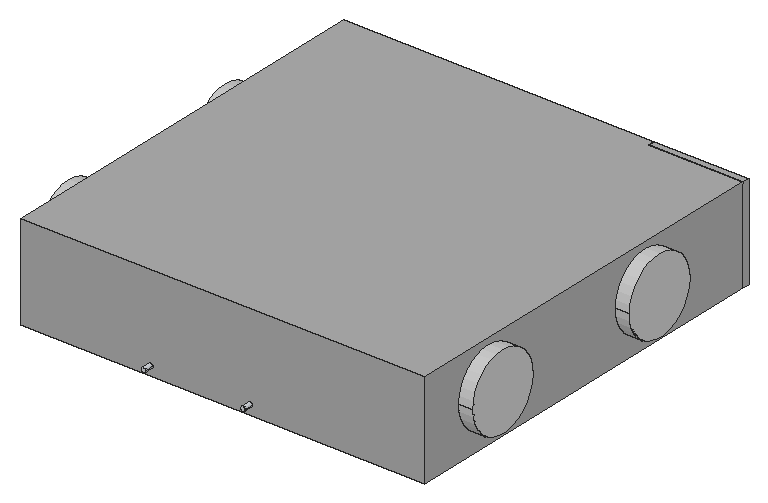
Revit family "BLAUBERG-KOMFORT_EC_DBE_900_Left", category Mechanical Equipment, Revit 2019
Family settings
  Round Connector Dimension = Use Diameter
  Classification = None
  Part Type = Normal
  OmniClass Number = 23.75.35.14
  OmniClass Title = Air Handling Units
  Work Plane-Based = No
  Always vertical = Yes
  Cut with Voids When Loaded = No
  Shared = No
  Room Calculation Point = No
Parameters (values of type "KOMFORT EC DBE 900 L S21")
  Weight = 111.00 kg
  LDrainCon = 28 mm
  Heater power = 3300 W
  Maximum Unit Power Without Electric Heater = 442 W
  Maximum Unit Current Without Electric Heater = 3.1 A
  Maximum Unit Current With Electric Heater = 17.4 A
  Heat Exchanger Material = "polystyrene"
  LDuctCon = 50 mm  # constant formula
  HDrainCon = 31 mm
  H = 318 mm
  Front Maintenance Zone Width = H  # 318 mm
  Front Maintenance Zone Length = L  # 1349 mm
  ElBoxB1 = 21 mm
  ElBoxB = 22 mm
  ElBoxL = 315 mm
  DrainPipe = yes
  DrainD = if(Drain Connection Diameter = 0 mm, 1 mm, Drain Connection Diameter)  # 14 mm
  Drain Flow [instance] = 0.0 L/s
  Drain Connection Diameter = 14 mm
  LDrainCon2 = 582 mm
  LDrainCon1 = 435 mm
  DPS_H = 198 mm
  DPS_L2 = 404 mm
  DPS_L1 = 147 mm
  B2 = 265 mm
  Air Flow Factor [instance] = 1  # constant formula
  B1 = 432 mm
  Air Flow Exhaust [instance] = 0 m³/h
  L = 1349 mm
  Voltage = 230 V
  URL = "https://blaubergventilatoren.de/en/product/komfort-ec-dbe-900-l-s21"
  Type Comments = "Air Handling Unit KOMFORT EC DBE 900 L S21"
  Transported Air Temperature (°C) = "-25…+40"
  Supply Air Filter = "G4 (F7 option)"
  Sound Pressure Level at 3 m (dBA) = 33
  SEC Class = "A"
  RPM (min-1) = 2720
  Power Factor = 1
  Power = Maximum Unit Power Without Electric Heater + Heater power  # 3742 W
  Number of Poles = 1
  Model = "KOMFORT EC DBE 900 L S21"
  Maximum Air Flow = 1030 m³/h
  Manufacturer = "Blauberg"
  Maintenance Zone Material = Maintenance Zone
  Front Maintenance Zone Height = 800 mm
  Maintenance Zone [instance] = no
  Load Classification = HVAC
  B = 1351 mm
  Heat recovery efficiency (%) = "75..88"
  Heat Exchanger Type = "counter-flow"
  H1 = 143 mm
  Metal Material = Metal Zinc
  Family Version = "1.0"  # constant formula
  Extract Air Filter = "G4"
  Duct Connection Diameter = 250 mm
  Description = "Air Handling Unit"
  D = Duct Connection Diameter  # 250 mm
  Current = Maximum Unit Current With Electric Heater  # 17.4 A
  Copyright = "©Blauberg"
  Casing Material = Painted Steel Gray
  Apparent Power [instance] = Power / Power Factor  # 3742 VA
  Air Flow Supply [instance] = 0 m³/h
Types (2, lengths in mm): name | Heat Exchanger Material | DrainPipe | DrainD | Drain Connection Diameter | URL | Type Comments | Model | Heat recovery efficiency (%)
  KOMFORT EC DBE 900 L S21 | "polystyrene" | yes | 14 | 14 | "https://blaubergventilatoren.de/en/product/komfort-ec-dbe-900-l-s21" | "Air Handling Unit KOMFORT EC DBE 900 L S21" | "KOMFORT EC DBE 900 L S21" | "75..88"
  KOMFORT EC DBE 900-E L S21 | "enthalpy" | no | 1 | 0 | "https://blaubergventilatoren.de/en/product/komfort-ec-dbe-900-e-l-s21" | "Air Handling Unit KOMFORT EC DBE 900-E L S21" | "KOMFORT EC DBE 900-E L S21" | "69..85"
Reference planes
  plane 1 "Center (Front/Back)": y = 0
  plane 2: z = 0
  plane 3 "Center (Left/Right)": x = 0
  plane 4 "Back": y = 675.5
  plane 5 "Front": y = -675.5
  plane 6 "L": x = -674.5
  plane 7 "R": x = 674.5
  plane 8 "DuctConB2": y = 243.5
  plane 9 "DuctConB1": y = -410.5
  plane 10: x = -724.5
  plane 11: x = 724.5
  plane 12 "Top": z = 143
  plane 13 "Bottom": z = -175
  plane 14 "DrainConH": z = -144
  plane 15 "DrainConL1": x = -239.5
  plane 16 "DrainConL2": x = 92.5
  plane 17 "S": y = -703.5
  plane 18 "ElBox": y = 654.5
  plane 19: y = 676.5
  plane 20: x = 359.5
  plane 21 "DPSL1": x = 270.5
  plane 22 "DPSL2": x = -527.5
  plane 23: z = -55
Forms (mm)
  Extrusion 1, solid, material "Painted Steel Gray" <- "Casing Material", detail levels medium+fine
    sketch origin (0, 0, 0) x (1, 0, 0) y (0, 1, 0)
      loop
        line (-674.5, 675.5) -> (-674.5, -675.5) -> (674.5, -675.5) -> (674.5, 654.5) -> (359.5, 654.5) -> (359.5, 675.5) -> (-674.5, 675.5)
    from -175 to 143
  Extrusion 2, solid, material "Metal Zinc" <- "Metal Material", detail levels medium+fine
    sketch origin (-674.5, 0, 0) x (0, 1, 0) y (0, 0, 1)
      loop
        circle (243.5, 0) r 125
      loop
        circle (-410.5, 0) r 125
    from 0 to -50
  Extrusion 3, solid, material "Metal Zinc" <- "Metal Material", detail levels medium+fine
    sketch origin (674.5, 0, 0) x (0, 1, 0) y (0, 0, 1)
      loop
        circle (243.5, 0) r 125
      loop
        circle (-410.5, 0) r 125
    from 0 to 50
  Extrusion 4, solid, visible <- "DrainPipe", detail levels medium+fine
    sketch origin (0, -675.5, 0) x (-1, 0, 0) y (0, 0, 1)
      loop
        circle (239.5, -144) r 7
    from 0 to -28
  Extrusion 5, solid, visible <- "DrainPipe", detail levels medium+fine
    sketch origin (0, -675.5, 0) x (-1, 0, 0) y (0, 0, 1)
      loop
        circle (-92.5, -144) r 7
    from 0 to -28
  Extrusion 6, solid, material "Painted Steel Gray" <- "Casing Material", detail levels medium+fine
    sketch origin (0, 0, 0) x (1, 0, 0) y (0, 1, 0)
      loop
        line (359.5, 676.5) -> (359.5, 654.5) -> (674.5, 654.5) -> (674.5, 676.5) -> (359.5, 676.5)
    from -175 to 143
Lines and regions (mm)
  model lines, detail levels coarse
    curve 1: line (-674.5, 675.5, 0) -> (674.5, 675.5, 0)
    curve 2: line (-674.5, -675.5, 0) -> (-674.5, 675.5, 0)
    curve 3: line (674.5, -675.5, 0) -> (-674.5, -675.5, 0)
    curve 4: line (674.5, 675.5, 0) -> (674.5, -675.5, 0)
    curve 5: line (-674.5, 243.5, 0) -> (-724.5, 243.5, 0)
    curve 6: line (-674.5, -410.5, 0) -> (-724.5, -410.5, 0)
    curve 7: line (674.5, -410.5, 0) -> (724.5, -410.5, 0)
    curve 8: line (674.5, 243.5, 0) -> (724.5, 243.5, 0)
Dimensions and locks
  equal spacing: plane 6 "L", plane 3 "Center (Left/Right)", plane 7 "R"
  "L": plane 6 "L" to plane 7 "R"
  equal spacing: plane 4 "Back", plane 1 "Center (Front/Back)", plane 5 "Front"
  "B": plane 4 "Back" to plane 5 "Front"
  "B1": plane 4 "Back" to plane 8 "DuctConB2"
  "B2": plane 9 "DuctConB1" to plane 5 "Front"
  "LDuctCon": plane 10 to plane 6 "L"
  "LDuctCon": plane 7 "R" to plane 11
  "H1": plane 12 "Top" to level
  "H": plane 12 "Top" to plane 13 "Bottom"
  "HDrainCon": plane 14 "DrainConH" to plane 13 "Bottom"
  "LDrainCon1": plane 6 "L" to plane 15 "DrainConL1"
  "LDrainCon2": plane 16 "DrainConL2" to plane 7 "R"
  "LDrainCon": plane 5 "Front" to plane 17 "S"
  "ElBoxB": plane 19 to plane 18 "ElBox"
  "ElBoxL": plane 20 to plane 7 "R"
  "DPS_L1": plane 6 "L" to plane 22 "DPSL2"
  "DPS_L2": plane 21 "DPSL1" to plane 7 "R"
  "DPS_H": plane 12 "Top" to plane 23
  "ElBoxB1": plane 4 "Back" to plane 18 "ElBox"
  "D": diameter of Extrusion 2 sketch curve  (x2)
  "D": diameter of Extrusion 3 sketch curve  (x2)
  "DrainD": diameter of Extrusion 4 sketch curve
  "DrainD": diameter of Extrusion 5 sketch curve
  aligned and locked: level to plane 2
  aligned and locked: Extrusion 1 sketch curve to plane 4 "Back"
  aligned and locked: plane 6 "L" to Extrusion 1 sketch curve
  aligned and locked: plane 5 "Front" to Extrusion 1 sketch curve
  aligned and locked: Extrusion 1 sketch curve to plane 7 "R"
  aligned and locked: plane 12 "Top" to Extrusion 1
  aligned and locked: Extrusion 1 to plane 13 "Bottom"
  aligned and locked: plane 11 to Extrusion 3
  aligned and locked: Extrusion 2 to plane 10
  aligned and locked: Extrusion 4 to plane 17 "S"
  aligned and locked: Extrusion 5 to plane 17 "S"
  aligned and locked: Extrusion 6 sketch curve to plane 19
  aligned and locked: plane 18 "ElBox" to Extrusion 6 sketch curve
  aligned and locked: Extrusion 6 sketch curve to plane 7 "R"
  aligned and locked: plane 12 "Top" to Extrusion 6
  aligned and locked: Extrusion 6 to plane 13 "Bottom"
  aligned and locked: plane 20 to Extrusion 6 sketch curve
  aligned and locked: plane 20 to Extrusion 1 sketch curve
  aligned and locked: plane 18 "ElBox" to Extrusion 1 sketch curve
  aligned and locked: nested 1 to plane 21 "DPSL1"
  aligned and locked: nested 1 to plane 23
  aligned and locked: nested 2 to plane 23
  aligned and locked: nested 2 to plane 22 "DPSL2"
  aligned and locked: nested 3 to plane 3 "Center (Left/Right)"
  aligned and locked: plane 12 "Top" to nested 3
  aligned and locked: curve 1 to nested 3
  aligned and locked: curve 3 to Extrusion 1
  aligned and locked: curve 4 to Extrusion 1
  aligned and locked: plane 10 to curve 5
  aligned and locked: plane 6 "L" to curve 5
  aligned and locked: plane 8 "DuctConB2" to curve 5
  aligned and locked: plane 10 to curve 6
  aligned and locked: plane 6 "L" to curve 6
  aligned and locked: plane 9 "DuctConB1" to curve 6
  aligned and locked: plane 11 to curve 7
  aligned and locked: plane 7 "R" to curve 7
  aligned and locked: curve 7 to plane 9 "DuctConB1"
  aligned and locked: plane 11 to curve 8
  aligned and locked: curve 8 to plane 8 "DuctConB2"
Automatic sketch dimensions
  Extrusion 2 sketch curve to level = 0 mm  (x2)
  Extrusion 2 sketch curve to plane 9 "DuctConB1" = 0 mm
  Extrusion 2 sketch curve to plane 8 "DuctConB2" = 0 mm
  Extrusion 3 sketch curve to level = 0 mm  (x2)
  Extrusion 3 sketch curve to plane 9 "DuctConB1" = 0 mm
  Extrusion 3 sketch curve to plane 8 "DuctConB2" = 0 mm
  Extrusion 4 sketch curve to plane 14 "DrainConH" = 0 mm
  Extrusion 4 sketch curve to plane 15 "DrainConL1" = 0 mm
  Extrusion 5 sketch curve to plane 14 "DrainConH" = 0 mm
  Extrusion 5 sketch curve to plane 16 "DrainConL2" = 0 mm
Nested families
  nested 1: "DPS" at (270.5, 675.5, -55) x (-1, 0, 0) z (0, 1, 0), type "DPS", detail levels medium+fine
  nested 2: "DPS" at (-527.5, 675.5, -55) x (-1, 0, 0) z (0, 1, 0), type "DPS", detail levels medium+fine
  nested 3: "MaintenanceZone_Rect" at (0, 675.5, -16) x (-1, 0, 0) z (0, -1, 0), visible <- "Maintenance Zone", type "Side", detail levels medium+fine
    with Maintenance Zone Width 318 mm, Maintenance Zone Length 1349 mm, Maintenance Zone Height 800 mm
Connectors
  electrical at (674.5, 665.5, -16), driven by "Number of Poles", driven by "Load Classification", driven by "Voltage", driven by "Apparent Power", driven by "Power Factor"
    settings: on Extrusion 6, index 1, voltage 230 V, apparent load 3742 VA, apparent load phase1 0 VA, apparent load phase2 0 VA, apparent load phase3 0 VA, power factor 1, load classification "HVAC", number of poles 1, system type 30, power factor state 1, is connector primary yes, connector utility no, sub classification motor no, connector description ""
  hvac at (724.5, -410.5, 0), driven by "Duct Connection Diameter", driven by "Air Flow Supply"
    settings: on Extrusion 3, index 2, duct flow 0 m³/h, flow factor 0, pres drop 0.0 Pa, loss coef 0, conn angle 0.00°, conn width 304.8 mm, conn height 304.8 mm, conn diameter 250 mm, duct sys type 1, conn prof type 0, flow config 0, flow direction 2, loss method 0, conn ref index -1, conn util no, is conn primary yes, conn desc "Supply Air"
  hvac at (724.5, 243.5, 0), driven by "Duct Connection Diameter", driven by "Air Flow Exhaust"
    settings: on Extrusion 3, index 3, duct flow 0 m³/h, flow factor 0, pres drop 0.0 Pa, loss coef 0, conn angle 0.00°, conn width 304.8 mm, conn height 304.8 mm, conn diameter 250 mm, duct sys type 3, conn prof type 0, flow config 0, flow direction 1, loss method 0, conn ref index -1, conn util no, is conn primary no, conn desc "Extract Air"
  hvac at (-724.5, 243.5, 0), driven by "Duct Connection Diameter", driven by "Air Flow Supply"
    settings: on Extrusion 2, index 4, duct flow 0 m³/h, flow factor 0, pres drop 0.0 Pa, loss coef 0, conn angle 0.00°, conn width 304.8 mm, conn height 304.8 mm, conn diameter 250 mm, duct sys type 1, conn prof type 0, flow config 1, flow direction 1, loss method 0, conn ref index -1, conn util no, is conn primary no, conn desc "Intake Air"
  hvac at (-724.5, -410.5, 0), driven by "Duct Connection Diameter", driven by "Air Flow Exhaust"
    settings: on Extrusion 2, index 5, duct flow 0 m³/h, flow factor 0, pres drop 0.0 Pa, loss coef 0, conn angle 0.00°, conn width 304.8 mm, conn height 304.8 mm, conn diameter 250 mm, duct sys type 3, conn prof type 0, flow config 1, flow direction 2, loss method 0, conn ref index -1, conn util no, is conn primary no, conn desc "Exhaust Air"
  piping at (-239.5, -703.5, -144), diameter 14, driven by "Drain Connection Diameter", driven by "Drain Flow"
    settings: on Extrusion 4, index 6, connector inside diameter 609.6 mm, connector length 0 mm, flow factor 0, pipe flow 0.0 L/s, pressure drop 0.0 Pa, fitting loss kfactor 0, connector angle 0.00°, fixture units 0, engagement length 0 mm, angle of deflection 0.00°, flow configuration 1, flow direction 2, fitting loss method 0, system type 16, joint type 0, gender type 0, connector reference index -1, connector utility 0, adjustable connector no, is connector primary yes, connector description ""
  piping at (92.5, -703.5, -144), diameter 14, driven by "Drain Connection Diameter", driven by "Drain Flow"
    settings: on Extrusion 5, index 7, connector inside diameter 609.6 mm, connector length 0 mm, flow factor 0, pipe flow 0.0 L/s, pressure drop 0.0 Pa, fitting loss kfactor 0, connector angle 0.00°, fixture units 0, engagement length 0 mm, angle of deflection 0.00°, flow configuration 1, flow direction 2, fitting loss method 0, system type 16, joint type 0, gender type 0, connector reference index -1, connector utility 0, adjustable connector no, is connector primary no, connector description ""
Definition of nested family "DPS"
  Parameters (values of type "DPS")
    W1 = 65 mm
    Thikness = 2 mm
    Material = none
    H1 = 47 mm
    Default Elevation = 1219.2 mm
  Reference planes
    plane 1 "Center (Front/Back)": y = 0
    plane 2: z = 0
    plane 3 "Center (Left/Right)": x = 0
    plane 4: z = 47
    plane 5: z = 51.5
    plane 6: z = 75.5
    plane 7: z = 78
    plane 8: z = 92
    plane 9: z = 86
    plane 10: x = -32.5
    plane 11: x = 32.5
    plane 12 "1": y = 50
    plane 13: y = 48
    plane 14: z = 45
    plane 15 "2": y = -22
    plane 16: z = 64
  Forms (mm)
    Revolve 1, solid, material <- "Material"
      sketch origin (0, 0, 0) x (1, 0, 0) y (0, 0, 1)
        loop
          line (-40.5, 47) -> (0, 47) -> (0, 92) -> (-31, 92) -> (-35, 86) -> (-35, 78) -> (-37.309, 78) -> (-37.309, 75.5) -> (-36, 75.5) -> (-36, 51.5) -> (-40.5, 51.5) -> (-40.5, 47)
        axis (0, 92) -> (0, 47)
      angle from 0 to 360
    Extrusion 2, solid, material <- "Material"
      sketch origin (0, 0, 0) x (0, 1, 0) y (0, 0, 1)
        loop
          line (50, 0) -> (50, 47) -> (0, 47) -> (0, 45) -> (48, 45) -> (48, 0) -> (50, 0)
      from -32.5 to 32.5
    Extrusion 3, solid, material <- "Material"
      sketch origin (0, 0, 0) x (0, 1, 0) y (0, 0, 1)
        loop
          circle (-22, 64) r 10
      from 0 to 50
  Cuts and joins
    joined: Revolve 1, Extrusion 3
  Dimensions and locks
    locked: plane 5 to plane 4 at 4.5
    locked: plane 6 to plane 5 at 24
    locked: plane 7 to plane 6 at 2.5
    locked: plane 8 to plane 9 at 6
    locked: plane 9 to plane 7 at 8
    "H1": plane 4 to level
    equal spacing: plane 11, plane 3 "Center (Left/Right)", plane 10
    "W1": plane 11 to plane 10
    "Thikness": plane 4 to plane 14
    "Thikness": plane 12 "1" to plane 13
    locked: plane 1 "Center (Front/Back)" to plane 12 "1" at 50
    locked: plane 15 "2" to plane 1 "Center (Front/Back)" at 22
    plane 16 to plane 4 = 17 mm
    aligned and locked: level to plane 2
    aligned and locked: Revolve 1 sketch curve to plane 3 "Center (Left/Right)"  (x2)
    aligned and locked: plane 6 to Revolve 1 sketch curve
    aligned and locked: plane 7 to Revolve 1 sketch curve
    aligned and locked: plane 5 to Revolve 1 sketch curve
    aligned and locked: plane 8 to Revolve 1 sketch curve
    aligned and locked: Extrusion 2 sketch curve to plane 13
    aligned and locked: plane 14 to Extrusion 2 sketch curve
    aligned and locked: Extrusion 2 sketch curve to plane 1 "Center (Front/Back)"
    aligned and locked: Extrusion 2 to plane 10
    aligned and locked: plane 11 to Extrusion 2
  Automatic sketch dimensions
    Revolve 1 sketch curve to plane 4 = 0 mm
    Revolve 1 sketch curve to plane 9 = 0 mm
    Revolve 1 sketch curve to plane 3 "Center (Left/Right)" = 31 mm
    Revolve 1 sketch curve to Revolve 1 sketch curve = 4 mm
    Revolve 1 sketch curve to Revolve 1 sketch curve = 1 mm
    Revolve 1 sketch curve to Revolve 1 sketch curve = 1.309 mm
    Revolve 1 sketch curve to Revolve 1 sketch curve = 4.5 mm
    Revolve 1 sketch curve to Revolve 1 sketch curve = 27.818 mm
    Revolve 1 sketch curve to Revolve 1 sketch curve = 2.182 mm
    Extrusion 2 sketch curve to level = 0 mm
    Extrusion 2 sketch curve to plane 12 "1" = 0 mm
    Extrusion 2 sketch curve to plane 4 = 0 mm
    Extrusion 3 sketch curve to plane 15 "2" = 0 mm
    Extrusion 3 sketch curve to plane 16 = 0 mm
    radius of Extrusion 3 sketch curve = 10 mm
Definition of nested family "MaintenanceZone_Rect"
  Parameters (values of type "MaintenanceZone_Rect")
    Maintenance Zone Width = 500 mm
    Material = none
    Maintenance Zone Length = 1000 mm
    Maintenance Zone Height = 300 mm
    Family Version = ""
    Default Elevation = 1219.2 mm
    Copyright = ""
  Reference planes
    plane 1 "Center (Front/Back)": y = 0
    plane 2: z = 0
    plane 3 "Center (Left/Right)": x = 0
    plane 4: x = -500
    plane 5: x = 500
    plane 6: y = 250
    plane 7: y = -250
    plane 8: z = -300
  Forms (mm)
    Extrusion 1, solid, material <- "Material", detail levels medium+fine
      sketch origin (0, 0, 0) x (1, 0, 0) y (0, 1, 0)
        loop
          line (-500, 250) -> (-500, -250) -> (500, -250) -> (500, 250) -> (-500, 250)
      from 0 to -300
  Lines and regions (mm)
    symbolic lines, detail levels medium+fine
      curve 1: line (-500, 0, 0) -> (500, 0, 0)
      curve 2: line (-500, 0, -300) -> (-500, 0, 0)
      curve 3: line (500, 0, -300) -> (-500, 0, -300)
      curve 4: line (500, 0, 0) -> (500, 0, -300)
      curve 5: line (0, 250, 0) -> (0, -250, 0)
      curve 6: line (0, 250, -300) -> (0, 250, 0)
      curve 7: line (0, -250, -300) -> (0, 250, -300)
      curve 8: line (0, -250, 0) -> (0, -250, -300)
      curve 9: line (-500, 250, 0) -> (500, 250, 0)
      curve 10: line (-500, -250, 0) -> (-500, 250, 0)
      curve 11: line (500, -250, 0) -> (-500, -250, 0)
      curve 12: line (500, 250, 0) -> (500, -250, 0)
  Dimensions and locks
    equal spacing: plane 6, plane 1 "Center (Front/Back)", plane 7
    equal spacing: plane 4, plane 3 "Center (Left/Right)", plane 5
    "Maintenance Zone Width": plane 6 to plane 7
    "Maintenance Zone Length": plane 4 to plane 5
    "Maintenance Zone Height": plane 2 to plane 8
    aligned and locked: level to plane 2
    aligned and locked: Extrusion 1 sketch curve to plane 6
    aligned and locked: plane 4 to Extrusion 1 sketch curve
    aligned and locked: plane 7 to Extrusion 1 sketch curve
    aligned and locked: Extrusion 1 sketch curve to plane 5
    aligned and locked: Extrusion 1 to plane 8
    aligned and locked: curve 1 to Extrusion 1
    aligned and locked: curve 2 to Extrusion 1
    aligned and locked: curve 3 to Extrusion 1
    aligned and locked: curve 4 to Extrusion 1
    aligned and locked: curve 5 to Extrusion 1
    aligned and locked: curve 6 to Extrusion 1
    aligned and locked: curve 7 to Extrusion 1
    aligned and locked: curve 8 to Extrusion 1
    aligned and locked: curve 9 to Extrusion 1
    aligned and locked: curve 10 to Extrusion 1
    aligned and locked: curve 11 to Extrusion 1
    aligned and locked: curve 12 to Extrusion 1
